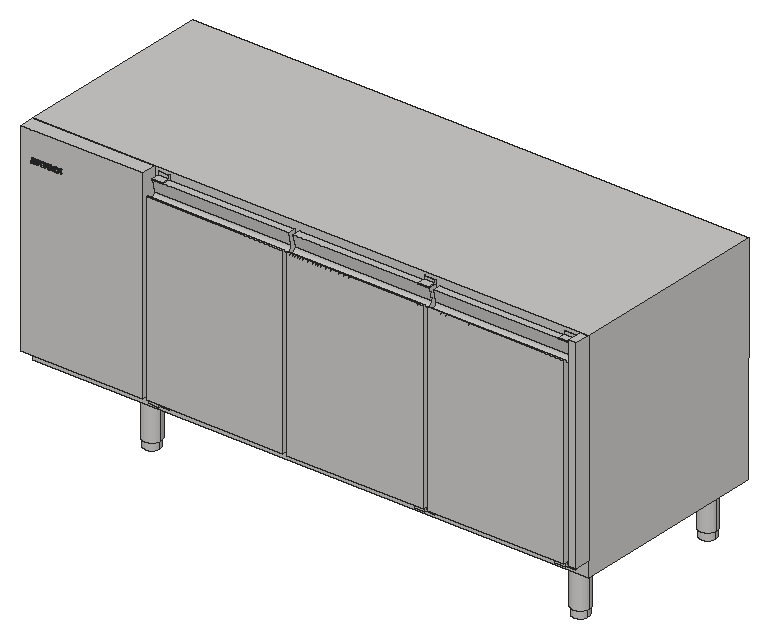
Revit family "QF_ALPENINOX_712199_AK3F7AAA", category Specialty Equipment, Revit 2018 (continued)
Definition of nested family "APX_BI_BT_L"
  Lines and regions (mm)
    Split face 121
      outline origin (215, -951.3, 50) x (1, 0, 0) y (0, 1, 0)
        loop
          arc (-273.464, 607.474) -> (-277.464, 603.474) -> (-273.464, 599.474) r 4
          line (-273.464, 599.474) -> (-231.464, 599.474)
          arc (-231.464, 599.474) -> (-227.464, 603.474) -> (-231.464, 607.474) r 4
          line (-231.464, 607.474) -> (-273.464, 607.474)
    Split face 122
      outline origin (-5, -975.3, 50) x (1, 0, 0) y (0, 1, 0)
        loop
          arc (-163.464, 619.474) -> (-167.464, 615.474) -> (-163.464, 611.474) r 4
          line (-163.464, 611.474) -> (-121.464, 611.474)
          arc (-121.464, 611.474) -> (-117.464, 615.474) -> (-121.464, 619.474) r 4
          line (-121.464, 619.474) -> (-163.464, 619.474)
    Split face 123
      outline origin (325, -975.3, 50) x (1, 0, 0) y (0, 1, 0)
        loop
          arc (-328.464, 619.474) -> (-332.464, 615.474) -> (-328.464, 611.474) r 4
          line (-328.464, 611.474) -> (-286.464, 611.474)
          arc (-286.464, 611.474) -> (-282.464, 615.474) -> (-286.464, 619.474) r 4
          line (-286.464, 619.474) -> (-328.464, 619.474)
    Split face 124
      outline origin (105, -975.3, 50) x (1, 0, 0) y (0, 1, 0)
        loop
          arc (-218.464, 619.474) -> (-222.464, 615.474) -> (-218.464, 611.474) r 4
          line (-218.464, 611.474) -> (-176.464, 611.474)
          arc (-176.464, 611.474) -> (-172.464, 615.474) -> (-176.464, 619.474) r 4
          line (-176.464, 619.474) -> (-218.464, 619.474)
    Split face 125
      outline origin (215, -975.3, 50) x (1, 0, 0) y (0, 1, 0)
        loop
          arc (-273.464, 619.474) -> (-277.464, 615.474) -> (-273.464, 611.474) r 4
          line (-273.464, 611.474) -> (-231.464, 611.474)
          arc (-231.464, 611.474) -> (-227.464, 615.474) -> (-231.464, 619.474) r 4
          line (-231.464, 619.474) -> (-273.464, 619.474)
    Split face 126
      outline origin (-5, -999.3, 50) x (1, 0, 0) y (0, 1, 0)
        loop
          arc (-163.464, 631.474) -> (-167.464, 627.474) -> (-163.464, 623.474) r 4
          line (-163.464, 623.474) -> (-121.464, 623.474)
          arc (-121.464, 623.474) -> (-117.464, 627.474) -> (-121.464, 631.474) r 4
          line (-121.464, 631.474) -> (-163.464, 631.474)
    Split face 127
      outline origin (325, -999.3, 50) x (1, 0, 0) y (0, 1, 0)
        loop
          arc (-328.464, 631.474) -> (-332.464, 627.474) -> (-328.464, 623.474) r 4
          line (-328.464, 623.474) -> (-286.464, 623.474)
          arc (-286.464, 623.474) -> (-282.464, 627.474) -> (-286.464, 631.474) r 4
          line (-286.464, 631.474) -> (-328.464, 631.474)
    Split face 128
      outline origin (105, -999.3, 50) x (1, 0, 0) y (0, 1, 0)
        loop
          arc (-218.464, 631.474) -> (-222.464, 627.474) -> (-218.464, 623.474) r 4
          line (-218.464, 623.474) -> (-176.464, 623.474)
          arc (-176.464, 623.474) -> (-172.464, 627.474) -> (-176.464, 631.474) r 4
          line (-176.464, 631.474) -> (-218.464, 631.474)
    Split face 129
      outline origin (215, -999.3, 50) x (1, 0, 0) y (0, 1, 0)
        loop
          arc (-273.464, 631.474) -> (-277.464, 627.474) -> (-273.464, 623.474) r 4
          line (-273.464, 623.474) -> (-231.464, 623.474)
          arc (-231.464, 623.474) -> (-227.464, 627.474) -> (-231.464, 631.474) r 4
          line (-231.464, 631.474) -> (-273.464, 631.474)
    Split face 130
      outline origin (-5, -1023.3, 50) x (1, 0, 0) y (0, 1, 0)
        loop
          arc (-163.464, 643.474) -> (-167.464, 639.474) -> (-163.464, 635.474) r 4
          line (-163.464, 635.474) -> (-121.464, 635.474)
          arc (-121.464, 635.474) -> (-117.464, 639.474) -> (-121.464, 643.474) r 4
          line (-121.464, 643.474) -> (-163.464, 643.474)
    Split face 131
      outline origin (325, -1023.3, 50) x (1, 0, 0) y (0, 1, 0)
        loop
          arc (-328.464, 643.474) -> (-332.464, 639.474) -> (-328.464, 635.474) r 4
          line (-328.464, 635.474) -> (-286.464, 635.474)
          arc (-286.464, 635.474) -> (-282.464, 639.474) -> (-286.464, 643.474) r 4
          line (-286.464, 643.474) -> (-328.464, 643.474)
    Split face 132
      outline origin (105, -1023.3, 50) x (1, 0, 0) y (0, 1, 0)
        loop
          arc (-218.464, 643.474) -> (-222.464, 639.474) -> (-218.464, 635.474) r 4
          line (-218.464, 635.474) -> (-176.464, 635.474)
          arc (-176.464, 635.474) -> (-172.464, 639.474) -> (-176.464, 643.474) r 4
          line (-176.464, 643.474) -> (-218.464, 643.474)
    Split face 133
      outline origin (215, -1023.3, 50) x (1, 0, 0) y (0, 1, 0)
        loop
          arc (-273.464, 643.474) -> (-277.464, 639.474) -> (-273.464, 635.474) r 4
          line (-273.464, 635.474) -> (-231.464, 635.474)
          arc (-231.464, 635.474) -> (-227.464, 639.474) -> (-231.464, 643.474) r 4
          line (-231.464, 643.474) -> (-273.464, 643.474)
    Split face 134
      outline origin (0, 0, 50) x (1, 0, 0) y (0, 1, 0)
        loop
          arc (51.536, 131.824) -> (47.536, 127.824) -> (51.536, 123.824) r 4
          line (51.536, 123.824) -> (93.536, 123.824)
          arc (93.536, 123.824) -> (97.536, 127.824) -> (93.536, 131.824) r 4
          line (93.536, 131.824) -> (51.536, 131.824)
    Split face 135
      outline origin (0, 0, 50) x (1, 0, 0) y (0, 1, 0)
        loop
          arc (106.536, 131.824) -> (102.536, 127.824) -> (106.536, 123.824) r 4
          line (106.536, 123.824) -> (148.536, 123.824)
          arc (148.536, 123.824) -> (152.536, 127.824) -> (148.536, 131.824) r 4
          line (148.536, 131.824) -> (106.536, 131.824)
    Split face 136
      outline origin (0, -24, 50) x (1, 0, 0) y (0, 1, 0)
        loop
          arc (51.536, 143.824) -> (47.536, 139.824) -> (51.536, 135.824) r 4
          line (51.536, 135.824) -> (93.536, 135.824)
          arc (93.536, 135.824) -> (97.536, 139.824) -> (93.536, 143.824) r 4
          line (93.536, 143.824) -> (51.536, 143.824)
    Split face 137
      outline origin (0, -24, 50) x (1, 0, 0) y (0, 1, 0)
        loop
          arc (106.536, 143.824) -> (102.536, 139.824) -> (106.536, 135.824) r 4
          line (106.536, 135.824) -> (148.536, 135.824)
          arc (148.536, 135.824) -> (152.536, 139.824) -> (148.536, 143.824) r 4
          line (148.536, 143.824) -> (106.536, 143.824)
    Split face 138
      outline origin (0, -48, 50) x (1, 0, 0) y (0, 1, 0)
        loop
          arc (51.536, 155.824) -> (47.536, 151.824) -> (51.536, 147.824) r 4
          line (51.536, 147.824) -> (93.536, 147.824)
          arc (93.536, 147.824) -> (97.536, 151.824) -> (93.536, 155.824) r 4
          line (93.536, 155.824) -> (51.536, 155.824)
    Split face 139
      outline origin (0, -48, 50) x (1, 0, 0) y (0, 1, 0)
        loop
          arc (106.536, 155.824) -> (102.536, 151.824) -> (106.536, 147.824) r 4
          line (106.536, 147.824) -> (148.536, 147.824)
          arc (148.536, 147.824) -> (152.536, 151.824) -> (148.536, 155.824) r 4
          line (148.536, 155.824) -> (106.536, 155.824)
    Split face 140
      outline origin (0, -72, 50) x (1, 0, 0) y (0, 1, 0)
        loop
          arc (51.536, 167.824) -> (47.536, 163.824) -> (51.536, 159.824) r 4
          line (51.536, 159.824) -> (93.536, 159.824)
          arc (93.536, 159.824) -> (97.536, 163.824) -> (93.536, 167.824) r 4
          line (93.536, 167.824) -> (51.536, 167.824)
    Split face 141
      outline origin (0, -72, 50) x (1, 0, 0) y (0, 1, 0)
        loop
          arc (106.536, 167.824) -> (102.536, 163.824) -> (106.536, 159.824) r 4
          line (106.536, 159.824) -> (148.536, 159.824)
          arc (148.536, 159.824) -> (152.536, 163.824) -> (148.536, 167.824) r 4
          line (148.536, 167.824) -> (106.536, 167.824)
    Split face 142
      outline origin (0, -96, 50) x (1, 0, 0) y (0, 1, 0)
        loop
          arc (51.536, 179.824) -> (47.536, 175.824) -> (51.536, 171.824) r 4
          line (51.536, 171.824) -> (93.536, 171.824)
          arc (93.536, 171.824) -> (97.536, 175.824) -> (93.536, 179.824) r 4
          line (93.536, 179.824) -> (51.536, 179.824)
    Split face 143
      outline origin (0, -96, 50) x (1, 0, 0) y (0, 1, 0)
        loop
          arc (106.536, 179.824) -> (102.536, 175.824) -> (106.536, 171.824) r 4
          line (106.536, 171.824) -> (148.536, 171.824)
          arc (148.536, 171.824) -> (152.536, 175.824) -> (148.536, 179.824) r 4
          line (148.536, 179.824) -> (106.536, 179.824)
    Split face 144
      outline origin (0, -120, 50) x (1, 0, 0) y (0, 1, 0)
        loop
          arc (51.536, 191.824) -> (47.536, 187.824) -> (51.536, 183.824) r 4
          line (51.536, 183.824) -> (93.536, 183.824)
          arc (93.536, 183.824) -> (97.536, 187.824) -> (93.536, 191.824) r 4
          line (93.536, 191.824) -> (51.536, 191.824)
    Split face 145
      outline origin (0, -120, 50) x (1, 0, 0) y (0, 1, 0)
        loop
          arc (106.536, 191.824) -> (102.536, 187.824) -> (106.536, 183.824) r 4
          line (106.536, 183.824) -> (148.536, 183.824)
          arc (148.536, 183.824) -> (152.536, 187.824) -> (148.536, 191.824) r 4
          line (148.536, 191.824) -> (106.536, 191.824)
    Split face 146
      outline origin (0, -144, 50) x (1, 0, 0) y (0, 1, 0)
        loop
          arc (51.536, 203.824) -> (47.536, 199.824) -> (51.536, 195.824) r 4
          line (51.536, 195.824) -> (93.536, 195.824)
          arc (93.536, 195.824) -> (97.536, 199.824) -> (93.536, 203.824) r 4
          line (93.536, 203.824) -> (51.536, 203.824)
    Split face 147
      outline origin (0, -144, 50) x (1, 0, 0) y (0, 1, 0)
        loop
          arc (106.536, 203.824) -> (102.536, 199.824) -> (106.536, 195.824) r 4
          line (106.536, 195.824) -> (148.536, 195.824)
          arc (148.536, 195.824) -> (152.536, 199.824) -> (148.536, 203.824) r 4
          line (148.536, 203.824) -> (106.536, 203.824)
    Split face 148
      outline origin (0, -168, 50) x (1, 0, 0) y (0, 1, 0)
        loop
          arc (51.536, 215.824) -> (47.536, 211.824) -> (51.536, 207.824) r 4
          line (51.536, 207.824) -> (93.536, 207.824)
          arc (93.536, 207.824) -> (97.536, 211.824) -> (93.536, 215.824) r 4
          line (93.536, 215.824) -> (51.536, 215.824)
    Split face 149
      outline origin (0, -168, 50) x (1, 0, 0) y (0, 1, 0)
        loop
          arc (106.536, 215.824) -> (102.536, 211.824) -> (106.536, 207.824) r 4
          line (106.536, 207.824) -> (148.536, 207.824)
          arc (148.536, 207.824) -> (152.536, 211.824) -> (148.536, 215.824) r 4
          line (148.536, 215.824) -> (106.536, 215.824)
    Split face 150
      outline origin (0, -192, 50) x (1, 0, 0) y (0, 1, 0)
        loop
          arc (51.536, 227.824) -> (47.536, 223.824) -> (51.536, 219.824) r 4
          line (51.536, 219.824) -> (93.536, 219.824)
          arc (93.536, 219.824) -> (97.536, 223.824) -> (93.536, 227.824) r 4
          line (93.536, 227.824) -> (51.536, 227.824)
    Split face 151
      outline origin (0, -192, 50) x (1, 0, 0) y (0, 1, 0)
        loop
          arc (106.536, 227.824) -> (102.536, 223.824) -> (106.536, 219.824) r 4
          line (106.536, 219.824) -> (148.536, 219.824)
          arc (148.536, 219.824) -> (152.536, 223.824) -> (148.536, 227.824) r 4
          line (148.536, 227.824) -> (106.536, 227.824)
    Split face 152
      outline origin (0, -216, 50) x (1, 0, 0) y (0, 1, 0)
        loop
          arc (51.536, 239.824) -> (47.536, 235.824) -> (51.536, 231.824) r 4
          line (51.536, 231.824) -> (93.536, 231.824)
          arc (93.536, 231.824) -> (97.536, 235.824) -> (93.536, 239.824) r 4
          line (93.536, 239.824) -> (51.536, 239.824)
    Split face 153
      outline origin (0, -216, 50) x (1, 0, 0) y (0, 1, 0)
        loop
          arc (106.536, 239.824) -> (102.536, 235.824) -> (106.536, 231.824) r 4
          line (106.536, 231.824) -> (148.536, 231.824)
          arc (148.536, 231.824) -> (152.536, 235.824) -> (148.536, 239.824) r 4
          line (148.536, 239.824) -> (106.536, 239.824)
    Split face 154
      outline origin (0, -240, 50) x (1, 0, 0) y (0, 1, 0)
        loop
          arc (51.536, 251.824) -> (47.536, 247.824) -> (51.536, 243.824) r 4
          line (51.536, 243.824) -> (93.536, 243.824)
          arc (93.536, 243.824) -> (97.536, 247.824) -> (93.536, 251.824) r 4
          line (93.536, 251.824) -> (51.536, 251.824)
    Split face 155
      outline origin (0, -240, 50) x (1, 0, 0) y (0, 1, 0)
        loop
          arc (106.536, 251.824) -> (102.536, 247.824) -> (106.536, 243.824) r 4
          line (106.536, 243.824) -> (148.536, 243.824)
          arc (148.536, 243.824) -> (152.536, 247.824) -> (148.536, 251.824) r 4
          line (148.536, 251.824) -> (106.536, 251.824)
    Split face 156
      outline origin (0, -264, 50) x (1, 0, 0) y (0, 1, 0)
        loop
          arc (51.536, 263.824) -> (47.536, 259.824) -> (51.536, 255.824) r 4
          line (51.536, 255.824) -> (93.536, 255.824)
          arc (93.536, 255.824) -> (97.536, 259.824) -> (93.536, 263.824) r 4
          line (93.536, 263.824) -> (51.536, 263.824)
    Split face 157
      outline origin (0, -264, 50) x (1, 0, 0) y (0, 1, 0)
        loop
          arc (106.536, 263.824) -> (102.536, 259.824) -> (106.536, 255.824) r 4
          line (106.536, 255.824) -> (148.536, 255.824)
          arc (148.536, 255.824) -> (152.536, 259.824) -> (148.536, 263.824) r 4
          line (148.536, 263.824) -> (106.536, 263.824)
    Split face 158
      outline origin (0, -288, 50) x (1, 0, 0) y (0, 1, 0)
        loop
          arc (51.536, 275.824) -> (47.536, 271.824) -> (51.536, 267.824) r 4
          line (51.536, 267.824) -> (93.536, 267.824)
          arc (93.536, 267.824) -> (97.536, 271.824) -> (93.536, 275.824) r 4
          line (93.536, 275.824) -> (51.536, 275.824)
    Split face 159
      outline origin (0, -288, 50) x (1, 0, 0) y (0, 1, 0)
        loop
          arc (106.536, 275.824) -> (102.536, 271.824) -> (106.536, 267.824) r 4
          line (106.536, 267.824) -> (148.536, 267.824)
          arc (148.536, 267.824) -> (152.536, 271.824) -> (148.536, 275.824) r 4
          line (148.536, 275.824) -> (106.536, 275.824)
    Split face 160
      outline origin (0, -312, 50) x (1, 0, 0) y (0, 1, 0)
        loop
          arc (51.536, 287.824) -> (47.536, 283.824) -> (51.536, 279.824) r 4
          line (51.536, 279.824) -> (93.536, 279.824)
          arc (93.536, 279.824) -> (97.536, 283.824) -> (93.536, 287.824) r 4
          line (93.536, 287.824) -> (51.536, 287.824)
    Split face 161
      outline origin (0, -312, 50) x (1, 0, 0) y (0, 1, 0)
        loop
          arc (106.536, 287.824) -> (102.536, 283.824) -> (106.536, 279.824) r 4
          line (106.536, 279.824) -> (148.536, 279.824)
          arc (148.536, 279.824) -> (152.536, 283.824) -> (148.536, 287.824) r 4
          line (148.536, 287.824) -> (106.536, 287.824)
    Split face 162
      outline origin (0, -336, 50) x (1, 0, 0) y (0, 1, 0)
        loop
          arc (51.536, 299.824) -> (47.536, 295.824) -> (51.536, 291.824) r 4
          line (51.536, 291.824) -> (93.536, 291.824)
          arc (93.536, 291.824) -> (97.536, 295.824) -> (93.536, 299.824) r 4
          line (93.536, 299.824) -> (51.536, 299.824)
    Split face 163
      outline origin (0, -336, 50) x (1, 0, 0) y (0, 1, 0)
        loop
          arc (106.536, 299.824) -> (102.536, 295.824) -> (106.536, 291.824) r 4
          line (106.536, 291.824) -> (148.536, 291.824)
          arc (148.536, 291.824) -> (152.536, 295.824) -> (148.536, 299.824) r 4
          line (148.536, 299.824) -> (106.536, 299.824)
    Split face 164
      outline origin (0, -360, 50) x (1, 0, 0) y (0, 1, 0)
        loop
          arc (51.536, 311.824) -> (47.536, 307.824) -> (51.536, 303.824) r 4
          line (51.536, 303.824) -> (93.536, 303.824)
          arc (93.536, 303.824) -> (97.536, 307.824) -> (93.536, 311.824) r 4
          line (93.536, 311.824) -> (51.536, 311.824)
    Split face 165
      outline origin (0, -360, 50) x (1, 0, 0) y (0, 1, 0)
        loop
          arc (106.536, 311.824) -> (102.536, 307.824) -> (106.536, 303.824) r 4
          line (106.536, 303.824) -> (148.536, 303.824)
          arc (148.536, 303.824) -> (152.536, 307.824) -> (148.536, 311.824) r 4
          line (148.536, 311.824) -> (106.536, 311.824)
    Split face 166
      outline origin (0, -663.3, 50) x (1, 0, 0) y (0, 1, 0)
        loop
          arc (51.536, 463.474) -> (47.536, 459.474) -> (51.536, 455.474) r 4
          line (51.536, 455.474) -> (93.536, 455.474)
          arc (93.536, 455.474) -> (97.536, 459.474) -> (93.536, 463.474) r 4
          line (93.536, 463.474) -> (51.536, 463.474)
    Split face 167
      outline origin (0, -663.3, 50) x (1, 0, 0) y (0, 1, 0)
        loop
          arc (106.536, 463.474) -> (102.536, 459.474) -> (106.536, 455.474) r 4
          line (106.536, 455.474) -> (148.536, 455.474)
          arc (148.536, 455.474) -> (152.536, 459.474) -> (148.536, 463.474) r 4
          line (148.536, 463.474) -> (106.536, 463.474)
    Split face 168
      outline origin (0, -687.3, 50) x (1, 0, 0) y (0, 1, 0)
        loop
          arc (51.536, 475.474) -> (47.536, 471.474) -> (51.536, 467.474) r 4
          line (51.536, 467.474) -> (93.536, 467.474)
          arc (93.536, 467.474) -> (97.536, 471.474) -> (93.536, 475.474) r 4
          line (93.536, 475.474) -> (51.536, 475.474)
    Split face 169
      outline origin (0, -687.3, 50) x (1, 0, 0) y (0, 1, 0)
        loop
          arc (106.536, 475.474) -> (102.536, 471.474) -> (106.536, 467.474) r 4
          line (106.536, 467.474) -> (148.536, 467.474)
          arc (148.536, 467.474) -> (152.536, 471.474) -> (148.536, 475.474) r 4
          line (148.536, 475.474) -> (106.536, 475.474)
    Split face 170
      outline origin (0, -711.3, 50) x (1, 0, 0) y (0, 1, 0)
        loop
          arc (51.536, 487.474) -> (47.536, 483.474) -> (51.536, 479.474) r 4
          line (51.536, 479.474) -> (93.536, 479.474)
          arc (93.536, 479.474) -> (97.536, 483.474) -> (93.536, 487.474) r 4
          line (93.536, 487.474) -> (51.536, 487.474)
    Split face 171
      outline origin (0, -711.3, 50) x (1, 0, 0) y (0, 1, 0)
        loop
          arc (106.536, 487.474) -> (102.536, 483.474) -> (106.536, 479.474) r 4
          line (106.536, 479.474) -> (148.536, 479.474)
          arc (148.536, 479.474) -> (152.536, 483.474) -> (148.536, 487.474) r 4
          line (148.536, 487.474) -> (106.536, 487.474)
    Split face 172
      outline origin (0, -735.3, 50) x (1, 0, 0) y (0, 1, 0)
        loop
          arc (51.536, 499.474) -> (47.536, 495.474) -> (51.536, 491.474) r 4
          line (51.536, 491.474) -> (93.536, 491.474)
          arc (93.536, 491.474) -> (97.536, 495.474) -> (93.536, 499.474) r 4
          line (93.536, 499.474) -> (51.536, 499.474)
    Split face 173
      outline origin (0, -735.3, 50) x (1, 0, 0) y (0, 1, 0)
        loop
          arc (106.536, 499.474) -> (102.536, 495.474) -> (106.536, 491.474) r 4
          line (106.536, 491.474) -> (148.536, 491.474)
          arc (148.536, 491.474) -> (152.536, 495.474) -> (148.536, 499.474) r 4
          line (148.536, 499.474) -> (106.536, 499.474)
    Split face 174
      outline origin (0, -759.3, 50) x (1, 0, 0) y (0, 1, 0)
        loop
          arc (51.536, 511.474) -> (47.536, 507.474) -> (51.536, 503.474) r 4
          line (51.536, 503.474) -> (93.536, 503.474)
          arc (93.536, 503.474) -> (97.536, 507.474) -> (93.536, 511.474) r 4
          line (93.536, 511.474) -> (51.536, 511.474)
    Split face 175
      outline origin (0, -759.3, 50) x (1, 0, 0) y (0, 1, 0)
        loop
          arc (106.536, 511.474) -> (102.536, 507.474) -> (106.536, 503.474) r 4
          line (106.536, 503.474) -> (148.536, 503.474)
          arc (148.536, 503.474) -> (152.536, 507.474) -> (148.536, 511.474) r 4
          line (148.536, 511.474) -> (106.536, 511.474)
    Split face 176
      outline origin (0, -783.3, 50) x (1, 0, 0) y (0, 1, 0)
        loop
          arc (51.536, 523.474) -> (47.536, 519.474) -> (51.536, 515.474) r 4
          line (51.536, 515.474) -> (93.536, 515.474)
          arc (93.536, 515.474) -> (97.536, 519.474) -> (93.536, 523.474) r 4
          line (93.536, 523.474) -> (51.536, 523.474)
    Split face 177
      outline origin (0, -783.3, 50) x (1, 0, 0) y (0, 1, 0)
        loop
          arc (106.536, 523.474) -> (102.536, 519.474) -> (106.536, 515.474) r 4
          line (106.536, 515.474) -> (148.536, 515.474)
          arc (148.536, 515.474) -> (152.536, 519.474) -> (148.536, 523.474) r 4
          line (148.536, 523.474) -> (106.536, 523.474)
    Split face 178
      outline origin (0, -807.3, 50) x (1, 0, 0) y (0, 1, 0)
        loop
          arc (51.536, 535.474) -> (47.536, 531.474) -> (51.536, 527.474) r 4
          line (51.536, 527.474) -> (93.536, 527.474)
          arc (93.536, 527.474) -> (97.536, 531.474) -> (93.536, 535.474) r 4
          line (93.536, 535.474) -> (51.536, 535.474)
    Split face 179
      outline origin (0, -807.3, 50) x (1, 0, 0) y (0, 1, 0)
        loop
          arc (106.536, 535.474) -> (102.536, 531.474) -> (106.536, 527.474) r 4
          line (106.536, 527.474) -> (148.536, 527.474)
          arc (148.536, 527.474) -> (152.536, 531.474) -> (148.536, 535.474) r 4
          line (148.536, 535.474) -> (106.536, 535.474)
    Split face 180
      outline origin (0, -831.3, 50) x (1, 0, 0) y (0, 1, 0)
        loop
          arc (51.536, 547.474) -> (47.536, 543.474) -> (51.536, 539.474) r 4
          line (51.536, 539.474) -> (93.536, 539.474)
          arc (93.536, 539.474) -> (97.536, 543.474) -> (93.536, 547.474) r 4
          line (93.536, 547.474) -> (51.536, 547.474)
    Split face 181
      outline origin (0, -831.3, 50) x (1, 0, 0) y (0, 1, 0)
        loop
          arc (106.536, 547.474) -> (102.536, 543.474) -> (106.536, 539.474) r 4
          line (106.536, 539.474) -> (148.536, 539.474)
          arc (148.536, 539.474) -> (152.536, 543.474) -> (148.536, 547.474) r 4
          line (148.536, 547.474) -> (106.536, 547.474)
    Split face 182
      outline origin (0, -855.3, 50) x (1, 0, 0) y (0, 1, 0)
        loop
          arc (51.536, 559.474) -> (47.536, 555.474) -> (51.536, 551.474) r 4
          line (51.536, 551.474) -> (93.536, 551.474)
          arc (93.536, 551.474) -> (97.536, 555.474) -> (93.536, 559.474) r 4
          line (93.536, 559.474) -> (51.536, 559.474)
    Split face 183
      outline origin (0, -855.3, 50) x (1, 0, 0) y (0, 1, 0)
        loop
          arc (106.536, 559.474) -> (102.536, 555.474) -> (106.536, 551.474) r 4
          line (106.536, 551.474) -> (148.536, 551.474)
          arc (148.536, 551.474) -> (152.536, 555.474) -> (148.536, 559.474) r 4
          line (148.536, 559.474) -> (106.536, 559.474)
    Split face 184
      outline origin (0, -879.3, 50) x (1, 0, 0) y (0, 1, 0)
        loop
          arc (51.536, 571.474) -> (47.536, 567.474) -> (51.536, 563.474) r 4
          line (51.536, 563.474) -> (93.536, 563.474)
          arc (93.536, 563.474) -> (97.536, 567.474) -> (93.536, 571.474) r 4
          line (93.536, 571.474) -> (51.536, 571.474)
    Split face 185
      outline origin (0, -879.3, 50) x (1, 0, 0) y (0, 1, 0)
        loop
          arc (106.536, 571.474) -> (102.536, 567.474) -> (106.536, 563.474) r 4
          line (106.536, 563.474) -> (148.536, 563.474)
          arc (148.536, 563.474) -> (152.536, 567.474) -> (148.536, 571.474) r 4
          line (148.536, 571.474) -> (106.536, 571.474)
    Split face 186
      outline origin (0, -903.3, 50) x (1, 0, 0) y (0, 1, 0)
        loop
          arc (51.536, 583.474) -> (47.536, 579.474) -> (51.536, 575.474) r 4
          line (51.536, 575.474) -> (93.536, 575.474)
          arc (93.536, 575.474) -> (97.536, 579.474) -> (93.536, 583.474) r 4
          line (93.536, 583.474) -> (51.536, 583.474)
    Split face 187
      outline origin (0, -903.3, 50) x (1, 0, 0) y (0, 1, 0)
        loop
          arc (106.536, 583.474) -> (102.536, 579.474) -> (106.536, 575.474) r 4
          line (106.536, 575.474) -> (148.536, 575.474)
          arc (148.536, 575.474) -> (152.536, 579.474) -> (148.536, 583.474) r 4
          line (148.536, 583.474) -> (106.536, 583.474)
    Split face 188
      outline origin (0, -927.3, 50) x (1, 0, 0) y (0, 1, 0)
        loop
          arc (51.536, 595.474) -> (47.536, 591.474) -> (51.536, 587.474) r 4
          line (51.536, 587.474) -> (93.536, 587.474)
          arc (93.536, 587.474) -> (97.536, 591.474) -> (93.536, 595.474) r 4
          line (93.536, 595.474) -> (51.536, 595.474)
    Split face 189
      outline origin (0, -927.3, 50) x (1, 0, 0) y (0, 1, 0)
        loop
          arc (106.536, 595.474) -> (102.536, 591.474) -> (106.536, 587.474) r 4
          line (106.536, 587.474) -> (148.536, 587.474)
          arc (148.536, 587.474) -> (152.536, 591.474) -> (148.536, 595.474) r 4
          line (148.536, 595.474) -> (106.536, 595.474)
    Split face 190
      outline origin (0, -951.3, 50) x (1, 0, 0) y (0, 1, 0)
        loop
          arc (51.536, 607.474) -> (47.536, 603.474) -> (51.536, 599.474) r 4
          line (51.536, 599.474) -> (93.536, 599.474)
          arc (93.536, 599.474) -> (97.536, 603.474) -> (93.536, 607.474) r 4
          line (93.536, 607.474) -> (51.536, 607.474)
    Split face 191
      outline origin (0, -951.3, 50) x (1, 0, 0) y (0, 1, 0)
        loop
          arc (106.536, 607.474) -> (102.536, 603.474) -> (106.536, 599.474) r 4
          line (106.536, 599.474) -> (148.536, 599.474)
          arc (148.536, 599.474) -> (152.536, 603.474) -> (148.536, 607.474) r 4
          line (148.536, 607.474) -> (106.536, 607.474)
    Split face 192
      outline origin (0, -975.3, 50) x (1, 0, 0) y (0, 1, 0)
        loop
          arc (51.536, 619.474) -> (47.536, 615.474) -> (51.536, 611.474) r 4
          line (51.536, 611.474) -> (93.536, 611.474)
          arc (93.536, 611.474) -> (97.536, 615.474) -> (93.536, 619.474) r 4
          line (93.536, 619.474) -> (51.536, 619.474)
    Split face 193
      outline origin (0, -975.3, 50) x (1, 0, 0) y (0, 1, 0)
        loop
          arc (106.536, 619.474) -> (102.536, 615.474) -> (106.536, 611.474) r 4
          line (106.536, 611.474) -> (148.536, 611.474)
          arc (148.536, 611.474) -> (152.536, 615.474) -> (148.536, 619.474) r 4
          line (148.536, 619.474) -> (106.536, 619.474)
    Split face 194
      outline origin (0, -999.3, 50) x (1, 0, 0) y (0, 1, 0)
        loop
          arc (51.536, 631.474) -> (47.536, 627.474) -> (51.536, 623.474) r 4
          line (51.536, 623.474) -> (93.536, 623.474)
          arc (93.536, 623.474) -> (97.536, 627.474) -> (93.536, 631.474) r 4
          line (93.536, 631.474) -> (51.536, 631.474)
    Split face 195
      outline origin (0, -999.3, 50) x (1, 0, 0) y (0, 1, 0)
        loop
          arc (106.536, 631.474) -> (102.536, 627.474) -> (106.536, 623.474) r 4
          line (106.536, 623.474) -> (148.536, 623.474)
          arc (148.536, 623.474) -> (152.536, 627.474) -> (148.536, 631.474) r 4
          line (148.536, 631.474) -> (106.536, 631.474)
    Split face 196
      outline origin (0, -1023.3, 50) x (1, 0, 0) y (0, 1, 0)
        loop
          arc (51.536, 643.474) -> (47.536, 639.474) -> (51.536, 635.474) r 4
          line (51.536, 635.474) -> (93.536, 635.474)
          arc (93.536, 635.474) -> (97.536, 639.474) -> (93.536, 643.474) r 4
          line (93.536, 643.474) -> (51.536, 643.474)
    Split face 197
      outline origin (0, -1023.3, 50) x (1, 0, 0) y (0, 1, 0)
        loop
          arc (106.536, 643.474) -> (102.536, 639.474) -> (106.536, 635.474) r 4
          line (106.536, 635.474) -> (148.536, 635.474)
          arc (148.536, 635.474) -> (152.536, 639.474) -> (148.536, 643.474) r 4
          line (148.536, 643.474) -> (106.536, 643.474)
    Split face 198
      outline origin (100, 0, 50) x (1, 0, 0) y (0, 1, 0)
        loop
          line (87.08, 183) -> (-272.92, 183)
          arc (-272.92, 183) -> (-290.42, 165.5) -> (-272.92, 148) r 17.5
          line (-272.92, 148) -> (87.08, 148)
    symbolic lines
      curve 1: line (187.08, -74, 50) -> (187.08, -74, 0)
  Dimensions and locks
    equal spacing: plane 6, plane 1 "Center (Front/Back)", plane 7
    equal spacing: plane 4, plane 3 "Center (Left/Right)", plane 5
    aligned and locked: plane 2 to Extrusion 1
    aligned and locked: level to Extrusion 1
  Automatic sketch dimensions
    Split face 4 sketch curve to Split face 4 sketch curve = 42 mm
    Split face 4 sketch curve to Split face 4 sketch curve = 4 mm
    Split face 5 sketch curve to Split face 5 sketch curve = 42 mm
    Split face 5 sketch curve to Split face 5 sketch curve = 4 mm
    Split face 6 sketch curve to Split face 6 sketch curve = 42 mm
    Split face 6 sketch curve to Split face 6 sketch curve = 4 mm
    Split face 7 sketch curve to Split face 7 sketch curve = 42 mm
    Split face 7 sketch curve to Split face 7 sketch curve = 4 mm
    Split face 8 sketch curve to Split face 8 sketch curve = 42 mm
    Split face 8 sketch curve to Split face 8 sketch curve = 4 mm
    Split face 9 sketch curve to Split face 9 sketch curve = 42 mm
    Split face 9 sketch curve to Split face 9 sketch curve = 4 mm
    Split face 10 sketch curve to Split face 10 sketch curve = 42 mm
    Split face 10 sketch curve to Split face 10 sketch curve = 4 mm
    Split face 11 sketch curve to Split face 11 sketch curve = 42 mm
    Split face 11 sketch curve to Split face 11 sketch curve = 4 mm
    Split face 12 sketch curve to Split face 12 sketch curve = 42 mm
    Split face 12 sketch curve to Split face 12 sketch curve = 4 mm
    Split face 13 sketch curve to Split face 13 sketch curve = 42 mm
    Split face 13 sketch curve to Split face 13 sketch curve = 4 mm
    Split face 14 sketch curve to Split face 14 sketch curve = 42 mm
    Split face 14 sketch curve to Split face 14 sketch curve = 4 mm
    Split face 15 sketch curve to Split face 15 sketch curve = 42 mm
    Split face 15 sketch curve to Split face 15 sketch curve = 4 mm
    Split face 16 sketch curve to Split face 16 sketch curve = 42 mm
    Split face 16 sketch curve to Split face 16 sketch curve = 4 mm
    Split face 17 sketch curve to Split face 17 sketch curve = 42 mm
    Split face 17 sketch curve to Split face 17 sketch curve = 4 mm
    Split face 18 sketch curve to Split face 18 sketch curve = 42 mm
    Split face 18 sketch curve to Split face 18 sketch curve = 4 mm
    Split face 19 sketch curve to Split face 19 sketch curve = 42 mm
    Split face 19 sketch curve to Split face 19 sketch curve = 4 mm
    Split face 20 sketch curve to Split face 20 sketch curve = 42 mm
    Split face 20 sketch curve to Split face 20 sketch curve = 4 mm
    Split face 21 sketch curve to Split face 21 sketch curve = 42 mm
    Split face 21 sketch curve to Split face 21 sketch curve = 4 mm
    Split face 22 sketch curve to Split face 22 sketch curve = 42 mm
    Split face 22 sketch curve to Split face 22 sketch curve = 4 mm
    Split face 23 sketch curve to Split face 23 sketch curve = 42 mm
    Split face 23 sketch curve to Split face 23 sketch curve = 4 mm
    Split face 24 sketch curve to Split face 24 sketch curve = 42 mm
    Split face 24 sketch curve to Split face 24 sketch curve = 4 mm
    Split face 25 sketch curve to Split face 25 sketch curve = 42 mm
    Split face 25 sketch curve to Split face 25 sketch curve = 4 mm
    Split face 26 sketch curve to Split face 26 sketch curve = 42 mm
    Split face 26 sketch curve to Split face 26 sketch curve = 4 mm
    Split face 27 sketch curve to Split face 27 sketch curve = 42 mm
    Split face 27 sketch curve to Split face 27 sketch curve = 4 mm
    Split face 28 sketch curve to Split face 28 sketch curve = 42 mm
    Split face 28 sketch curve to Split face 28 sketch curve = 4 mm
    Split face 29 sketch curve to Split face 29 sketch curve = 42 mm
    Split face 29 sketch curve to Split face 29 sketch curve = 4 mm
    Split face 30 sketch curve to Split face 30 sketch curve = 42 mm
    Split face 30 sketch curve to Split face 30 sketch curve = 4 mm
    Split face 31 sketch curve to Split face 31 sketch curve = 42 mm
    Split face 31 sketch curve to Split face 31 sketch curve = 4 mm
    Split face 32 sketch curve to Split face 32 sketch curve = 42 mm
    Split face 32 sketch curve to Split face 32 sketch curve = 4 mm
    Split face 33 sketch curve to Split face 33 sketch curve = 42 mm
    Split face 33 sketch curve to Split face 33 sketch curve = 4 mm
    Split face 34 sketch curve to Split face 34 sketch curve = 42 mm
    Split face 34 sketch curve to Split face 34 sketch curve = 4 mm
    Split face 35 sketch curve to Split face 35 sketch curve = 42 mm
    Split face 35 sketch curve to Split face 35 sketch curve = 4 mm
    Split face 36 sketch curve to Split face 36 sketch curve = 42 mm
    Split face 36 sketch curve to Split face 36 sketch curve = 4 mm
    Split face 37 sketch curve to Split face 37 sketch curve = 42 mm
    Split face 37 sketch curve to Split face 37 sketch curve = 4 mm
    Split face 38 sketch curve to Split face 38 sketch curve = 42 mm
    Split face 38 sketch curve to Split face 38 sketch curve = 4 mm
    Split face 39 sketch curve to Split face 39 sketch curve = 42 mm
    Split face 39 sketch curve to Split face 39 sketch curve = 4 mm
    Split face 40 sketch curve to Split face 40 sketch curve = 42 mm
    Split face 40 sketch curve to Split face 40 sketch curve = 4 mm
    Split face 41 sketch curve to Split face 41 sketch curve = 42 mm
    Split face 41 sketch curve to Split face 41 sketch curve = 4 mm
    Split face 42 sketch curve to Split face 42 sketch curve = 42 mm
    Split face 42 sketch curve to Split face 42 sketch curve = 4 mm
    Split face 43 sketch curve to Split face 43 sketch curve = 42 mm
    Split face 43 sketch curve to Split face 43 sketch curve = 4 mm
    Split face 44 sketch curve to Split face 44 sketch curve = 42 mm
    Split face 44 sketch curve to Split face 44 sketch curve = 4 mm
    Split face 45 sketch curve to Split face 45 sketch curve = 42 mm
    Split face 45 sketch curve to Split face 45 sketch curve = 4 mm
    Split face 46 sketch curve to Split face 46 sketch curve = 42 mm
    Split face 46 sketch curve to Split face 46 sketch curve = 4 mm
    Split face 47 sketch curve to Split face 47 sketch curve = 42 mm
    Split face 47 sketch curve to Split face 47 sketch curve = 4 mm
    Split face 48 sketch curve to Split face 48 sketch curve = 42 mm
    Split face 48 sketch curve to Split face 48 sketch curve = 4 mm
    Split face 49 sketch curve to Split face 49 sketch curve = 42 mm
    Split face 49 sketch curve to Split face 49 sketch curve = 4 mm
    Split face 50 sketch curve to Split face 50 sketch curve = 42 mm
    Split face 50 sketch curve to Split face 50 sketch curve = 4 mm
    Split face 51 sketch curve to Split face 51 sketch curve = 42 mm
    Split face 51 sketch curve to Split face 51 sketch curve = 4 mm
    Split face 52 sketch curve to Split face 52 sketch curve = 42 mm
    Split face 52 sketch curve to Split face 52 sketch curve = 4 mm
    Split face 53 sketch curve to Split face 53 sketch curve = 42 mm
    Split face 53 sketch curve to Split face 53 sketch curve = 4 mm
    Split face 54 sketch curve to Split face 54 sketch curve = 42 mm
    Split face 54 sketch curve to Split face 54 sketch curve = 4 mm
    Split face 55 sketch curve to Split face 55 sketch curve = 42 mm
    Split face 55 sketch curve to Split face 55 sketch curve = 4 mm
    Split face 56 sketch curve to Split face 56 sketch curve = 42 mm
    Split face 56 sketch curve to Split face 56 sketch curve = 4 mm
    Split face 57 sketch curve to Split face 57 sketch curve = 42 mm
    Split face 57 sketch curve to Split face 57 sketch curve = 4 mm
    Split face 58 sketch curve to Split face 58 sketch curve = 42 mm
    Split face 58 sketch curve to Split face 58 sketch curve = 4 mm
    Split face 59 sketch curve to Split face 59 sketch curve = 42 mm
    Split face 59 sketch curve to Split face 59 sketch curve = 4 mm
    Split face 60 sketch curve to Split face 60 sketch curve = 42 mm
    Split face 60 sketch curve to Split face 60 sketch curve = 4 mm
    Split face 61 sketch curve to Split face 61 sketch curve = 42 mm
    Split face 61 sketch curve to Split face 61 sketch curve = 4 mm
    Split face 62 sketch curve to Split face 62 sketch curve = 42 mm
    Split face 62 sketch curve to Split face 62 sketch curve = 4 mm
    Split face 63 sketch curve to Split face 63 sketch curve = 42 mm
    Split face 63 sketch curve to Split face 63 sketch curve = 4 mm
    Split face 64 sketch curve to Split face 64 sketch curve = 42 mm
    Split face 64 sketch curve to Split face 64 sketch curve = 4 mm
    Split face 65 sketch curve to Split face 65 sketch curve = 42 mm
    Split face 65 sketch curve to Split face 65 sketch curve = 4 mm
    Split face 66 sketch curve to Split face 66 sketch curve = 42 mm
    Split face 66 sketch curve to Split face 66 sketch curve = 4 mm
    Split face 67 sketch curve to Split face 67 sketch curve = 42 mm
    Split face 67 sketch curve to Split face 67 sketch curve = 4 mm
    Split face 68 sketch curve to Split face 68 sketch curve = 42 mm
    Split face 68 sketch curve to Split face 68 sketch curve = 4 mm
    Split face 70 sketch curve to Split face 70 sketch curve = 42 mm
    Split face 70 sketch curve to Split face 70 sketch curve = 4 mm
    Split face 71 sketch curve to Split face 71 sketch curve = 42 mm
    Split face 71 sketch curve to Split face 71 sketch curve = 4 mm
    Split face 72 sketch curve to Split face 72 sketch curve = 42 mm
    Split face 72 sketch curve to Split face 72 sketch curve = 4 mm
    Split face 73 sketch curve to Split face 73 sketch curve = 42 mm
    Split face 73 sketch curve to Split face 73 sketch curve = 4 mm
    Split face 74 sketch curve to Split face 74 sketch curve = 42 mm
    Split face 74 sketch curve to Split face 74 sketch curve = 4 mm
    Split face 75 sketch curve to Split face 75 sketch curve = 42 mm
    Split face 75 sketch curve to Split face 75 sketch curve = 4 mm
    Split face 76 sketch curve to Split face 76 sketch curve = 42 mm
    Split face 76 sketch curve to Split face 76 sketch curve = 4 mm
    Split face 77 sketch curve to Split face 77 sketch curve = 42 mm
    Split face 77 sketch curve to Split face 77 sketch curve = 4 mm
    Split face 78 sketch curve to Split face 78 sketch curve = 42 mm
    Split face 78 sketch curve to Split face 78 sketch curve = 4 mm
    Split face 79 sketch curve to Split face 79 sketch curve = 42 mm
    Split face 79 sketch curve to Split face 79 sketch curve = 4 mm
    Split face 80 sketch curve to Split face 80 sketch curve = 42 mm
    Split face 80 sketch curve to Split face 80 sketch curve = 4 mm
    Split face 81 sketch curve to Split face 81 sketch curve = 42 mm
    Split face 81 sketch curve to Split face 81 sketch curve = 4 mm
    Split face 82 sketch curve to Split face 82 sketch curve = 42 mm
    Split face 82 sketch curve to Split face 82 sketch curve = 4 mm
    Split face 83 sketch curve to Split face 83 sketch curve = 42 mm
    Split face 83 sketch curve to Split face 83 sketch curve = 4 mm
    Split face 84 sketch curve to Split face 84 sketch curve = 42 mm
    Split face 84 sketch curve to Split face 84 sketch curve = 4 mm
    Split face 85 sketch curve to Split face 85 sketch curve = 42 mm
    Split face 85 sketch curve to Split face 85 sketch curve = 4 mm
    Split face 86 sketch curve to Split face 86 sketch curve = 42 mm
    Split face 86 sketch curve to Split face 86 sketch curve = 4 mm
    Split face 87 sketch curve to Split face 87 sketch curve = 42 mm
    Split face 87 sketch curve to Split face 87 sketch curve = 4 mm
    Split face 88 sketch curve to Split face 88 sketch curve = 42 mm
    Split face 88 sketch curve to Split face 88 sketch curve = 4 mm
    Split face 89 sketch curve to Split face 89 sketch curve = 42 mm
    Split face 89 sketch curve to Split face 89 sketch curve = 4 mm
    Split face 90 sketch curve to Split face 90 sketch curve = 42 mm
    Split face 90 sketch curve to Split face 90 sketch curve = 4 mm
    Split face 91 sketch curve to Split face 91 sketch curve = 42 mm
    Split face 91 sketch curve to Split face 91 sketch curve = 4 mm
    Split face 92 sketch curve to Split face 92 sketch curve = 42 mm
    Split face 92 sketch curve to Split face 92 sketch curve = 4 mm
    Split face 93 sketch curve to Split face 93 sketch curve = 42 mm
    Split face 93 sketch curve to Split face 93 sketch curve = 4 mm
    Split face 94 sketch curve to Split face 94 sketch curve = 42 mm
    Split face 94 sketch curve to Split face 94 sketch curve = 4 mm
    Split face 95 sketch curve to Split face 95 sketch curve = 42 mm
    Split face 95 sketch curve to Split face 95 sketch curve = 4 mm
    Split face 96 sketch curve to Split face 96 sketch curve = 42 mm
    Split face 96 sketch curve to Split face 96 sketch curve = 4 mm
    Split face 97 sketch curve to Split face 97 sketch curve = 42 mm
    Split face 97 sketch curve to Split face 97 sketch curve = 4 mm
    Split face 98 sketch curve to Split face 98 sketch curve = 42 mm
    Split face 98 sketch curve to Split face 98 sketch curve = 4 mm
    Split face 99 sketch curve to Split face 99 sketch curve = 42 mm
    Split face 99 sketch curve to Split face 99 sketch curve = 4 mm
    Split face 100 sketch curve to Split face 100 sketch curve = 42 mm
    Split face 100 sketch curve to Split face 100 sketch curve = 4 mm
    Split face 101 sketch curve to Split face 101 sketch curve = 42 mm
    Split face 101 sketch curve to Split face 101 sketch curve = 4 mm
    Split face 102 sketch curve to Split face 102 sketch curve = 42 mm
    Split face 102 sketch curve to Split face 102 sketch curve = 4 mm
    Split face 103 sketch curve to Split face 103 sketch curve = 42 mm
    Split face 103 sketch curve to Split face 103 sketch curve = 4 mm
    Split face 104 sketch curve to Split face 104 sketch curve = 42 mm
    Split face 104 sketch curve to Split face 104 sketch curve = 4 mm
    Split face 105 sketch curve to Split face 105 sketch curve = 42 mm
    Split face 105 sketch curve to Split face 105 sketch curve = 4 mm
    Split face 106 sketch curve to Split face 106 sketch curve = 42 mm
    Split face 106 sketch curve to Split face 106 sketch curve = 4 mm
    Split face 107 sketch curve to Split face 107 sketch curve = 42 mm
    Split face 107 sketch curve to Split face 107 sketch curve = 4 mm
    Split face 108 sketch curve to Split face 108 sketch curve = 42 mm
    Split face 108 sketch curve to Split face 108 sketch curve = 4 mm
    Split face 109 sketch curve to Split face 109 sketch curve = 42 mm
    Split face 109 sketch curve to Split face 109 sketch curve = 4 mm
    Split face 110 sketch curve to Split face 110 sketch curve = 42 mm
    Split face 110 sketch curve to Split face 110 sketch curve = 4 mm
    Split face 111 sketch curve to Split face 111 sketch curve = 42 mm
    Split face 111 sketch curve to Split face 111 sketch curve = 4 mm
    Split face 112 sketch curve to Split face 112 sketch curve = 42 mm
    Split face 112 sketch curve to Split face 112 sketch curve = 4 mm
    Split face 113 sketch curve to Split face 113 sketch curve = 42 mm
    Split face 113 sketch curve to Split face 113 sketch curve = 4 mm
    Split face 114 sketch curve to Split face 114 sketch curve = 42 mm
    Split face 114 sketch curve to Split face 114 sketch curve = 4 mm
    Split face 115 sketch curve to Split face 115 sketch curve = 42 mm
    Split face 115 sketch curve to Split face 115 sketch curve = 4 mm
    Split face 116 sketch curve to Split face 116 sketch curve = 42 mm
    Split face 116 sketch curve to Split face 116 sketch curve = 4 mm
    Split face 117 sketch curve to Split face 117 sketch curve = 42 mm
    Split face 117 sketch curve to Split face 117 sketch curve = 4 mm
    Split face 118 sketch curve to Split face 118 sketch curve = 42 mm
    Split face 118 sketch curve to Split face 118 sketch curve = 4 mm
    Split face 119 sketch curve to Split face 119 sketch curve = 42 mm
    Split face 119 sketch curve to Split face 119 sketch curve = 4 mm
    Split face 120 sketch curve to Split face 120 sketch curve = 42 mm
    Split face 120 sketch curve to Split face 120 sketch curve = 4 mm
    Split face 121 sketch curve to Split face 121 sketch curve = 42 mm
    Split face 121 sketch curve to Split face 121 sketch curve = 4 mm
    Split face 122 sketch curve to Split face 122 sketch curve = 42 mm
    Split face 122 sketch curve to Split face 122 sketch curve = 4 mm
    Split face 123 sketch curve to Split face 123 sketch curve = 42 mm
    Split face 123 sketch curve to Split face 123 sketch curve = 4 mm
    Split face 124 sketch curve to Split face 124 sketch curve = 42 mm
    Split face 124 sketch curve to Split face 124 sketch curve = 4 mm
    Split face 125 sketch curve to Split face 125 sketch curve = 42 mm
    Split face 125 sketch curve to Split face 125 sketch curve = 4 mm
    Split face 126 sketch curve to Split face 126 sketch curve = 42 mm
    Split face 126 sketch curve to Split face 126 sketch curve = 4 mm
    Split face 127 sketch curve to Split face 127 sketch curve = 42 mm
    Split face 127 sketch curve to Split face 127 sketch curve = 4 mm
    Split face 128 sketch curve to Split face 128 sketch curve = 42 mm
    Split face 128 sketch curve to Split face 128 sketch curve = 4 mm
    Split face 129 sketch curve to Split face 129 sketch curve = 42 mm
    Split face 129 sketch curve to Split face 129 sketch curve = 4 mm
    Split face 130 sketch curve to Split face 130 sketch curve = 42 mm
    Split face 130 sketch curve to Split face 130 sketch curve = 4 mm
    Split face 131 sketch curve to Split face 131 sketch curve = 42 mm
    Split face 131 sketch curve to Split face 131 sketch curve = 4 mm
    Split face 132 sketch curve to Split face 132 sketch curve = 42 mm
    Split face 132 sketch curve to Split face 132 sketch curve = 4 mm
    Split face 133 sketch curve to Split face 133 sketch curve = 42 mm
    Split face 133 sketch curve to Split face 133 sketch curve = 4 mm
    Split face 134 sketch curve to Split face 134 sketch curve = 4 mm
    Split face 134 sketch curve to Split face 134 sketch curve = 42 mm
    Split face 135 sketch curve to Split face 135 sketch curve = 4 mm
    Split face 135 sketch curve to Split face 135 sketch curve = 42 mm
    Split face 136 sketch curve to Split face 136 sketch curve = 42 mm
    Split face 136 sketch curve to Split face 136 sketch curve = 4 mm
    Split face 137 sketch curve to Split face 137 sketch curve = 42 mm
    Split face 137 sketch curve to Split face 137 sketch curve = 4 mm
    Split face 138 sketch curve to Split face 138 sketch curve = 42 mm
    Split face 138 sketch curve to Split face 138 sketch curve = 4 mm
    Split face 139 sketch curve to Split face 139 sketch curve = 42 mm
    Split face 139 sketch curve to Split face 139 sketch curve = 4 mm
    Split face 140 sketch curve to Split face 140 sketch curve = 42 mm
    Split face 140 sketch curve to Split face 140 sketch curve = 4 mm
    Split face 141 sketch curve to Split face 141 sketch curve = 42 mm
    Split face 141 sketch curve to Split face 141 sketch curve = 4 mm
    Split face 142 sketch curve to Split face 142 sketch curve = 42 mm
    Split face 142 sketch curve to Split face 142 sketch curve = 4 mm
    Split face 143 sketch curve to Split face 143 sketch curve = 42 mm
    Split face 143 sketch curve to Split face 143 sketch curve = 4 mm
    Split face 144 sketch curve to Split face 144 sketch curve = 42 mm
    Split face 144 sketch curve to Split face 144 sketch curve = 4 mm
    Split face 145 sketch curve to Split face 145 sketch curve = 42 mm
    Split face 145 sketch curve to Split face 145 sketch curve = 4 mm
    Split face 146 sketch curve to Split face 146 sketch curve = 42 mm
    Split face 146 sketch curve to Split face 146 sketch curve = 4 mm
    Split face 147 sketch curve to Split face 147 sketch curve = 42 mm
    Split face 147 sketch curve to Split face 147 sketch curve = 4 mm
    Split face 148 sketch curve to Split face 148 sketch curve = 42 mm
    Split face 148 sketch curve to Split face 148 sketch curve = 4 mm
    Split face 149 sketch curve to Split face 149 sketch curve = 42 mm
    Split face 149 sketch curve to Split face 149 sketch curve = 4 mm
    Split face 150 sketch curve to Split face 150 sketch curve = 42 mm
    Split face 150 sketch curve to Split face 150 sketch curve = 4 mm
    Split face 151 sketch curve to Split face 151 sketch curve = 42 mm
    Split face 151 sketch curve to Split face 151 sketch curve = 4 mm
    Split face 152 sketch curve to Split face 152 sketch curve = 42 mm
    Split face 152 sketch curve to Split face 152 sketch curve = 4 mm
    Split face 153 sketch curve to Split face 153 sketch curve = 42 mm
    Split face 153 sketch curve to Split face 153 sketch curve = 4 mm
    Split face 154 sketch curve to Split face 154 sketch curve = 42 mm
    Split face 154 sketch curve to Split face 154 sketch curve = 4 mm
    Split face 155 sketch curve to Split face 155 sketch curve = 42 mm
    Split face 155 sketch curve to Split face 155 sketch curve = 4 mm
    Split face 156 sketch curve to Split face 156 sketch curve = 42 mm
    Split face 156 sketch curve to Split face 156 sketch curve = 4 mm
    Split face 157 sketch curve to Split face 157 sketch curve = 42 mm
    Split face 157 sketch curve to Split face 157 sketch curve = 4 mm
    Split face 158 sketch curve to Split face 158 sketch curve = 42 mm
    Split face 158 sketch curve to Split face 158 sketch curve = 4 mm
    Split face 159 sketch curve to Split face 159 sketch curve = 42 mm
    Split face 159 sketch curve to Split face 159 sketch curve = 4 mm
    Split face 160 sketch curve to Split face 160 sketch curve = 42 mm
    Split face 160 sketch curve to Split face 160 sketch curve = 4 mm
    Split face 161 sketch curve to Split face 161 sketch curve = 42 mm
    Split face 161 sketch curve to Split face 161 sketch curve = 4 mm
    Split face 162 sketch curve to Split face 162 sketch curve = 42 mm
    Split face 162 sketch curve to Split face 162 sketch curve = 4 mm
    Split face 163 sketch curve to Split face 163 sketch curve = 42 mm
    Split face 163 sketch curve to Split face 163 sketch curve = 4 mm
    Split face 164 sketch curve to Split face 164 sketch curve = 42 mm
    Split face 164 sketch curve to Split face 164 sketch curve = 4 mm
    Split face 165 sketch curve to Split face 165 sketch curve = 42 mm
    Split face 165 sketch curve to Split face 165 sketch curve = 4 mm
    Split face 166 sketch curve to Split face 166 sketch curve = 42 mm
    Split face 166 sketch curve to Split face 166 sketch curve = 4 mm
    Split face 167 sketch curve to Split face 167 sketch curve = 42 mm
    Split face 167 sketch curve to Split face 167 sketch curve = 4 mm
    Split face 168 sketch curve to Split face 168 sketch curve = 42 mm
    Split face 168 sketch curve to Split face 168 sketch curve = 4 mm
    Split face 169 sketch curve to Split face 169 sketch curve = 42 mm
    Split face 169 sketch curve to Split face 169 sketch curve = 4 mm
    Split face 170 sketch curve to Split face 170 sketch curve = 42 mm
    Split face 170 sketch curve to Split face 170 sketch curve = 4 mm
    Split face 171 sketch curve to Split face 171 sketch curve = 42 mm
    Split face 171 sketch curve to Split face 171 sketch curve = 4 mm
    Split face 172 sketch curve to Split face 172 sketch curve = 42 mm
    Split face 172 sketch curve to Split face 172 sketch curve = 4 mm
    Split face 173 sketch curve to Split face 173 sketch curve = 42 mm
    Split face 173 sketch curve to Split face 173 sketch curve = 4 mm
    Split face 174 sketch curve to Split face 174 sketch curve = 42 mm
    Split face 174 sketch curve to Split face 174 sketch curve = 4 mm
    Split face 175 sketch curve to Split face 175 sketch curve = 42 mm
    Split face 175 sketch curve to Split face 175 sketch curve = 4 mm
    Split face 176 sketch curve to Split face 176 sketch curve = 42 mm
    Split face 176 sketch curve to Split face 176 sketch curve = 4 mm
    Split face 177 sketch curve to Split face 177 sketch curve = 42 mm
    Split face 177 sketch curve to Split face 177 sketch curve = 4 mm
    Split face 178 sketch curve to Split face 178 sketch curve = 42 mm
    Split face 178 sketch curve to Split face 178 sketch curve = 4 mm
    Split face 179 sketch curve to Split face 179 sketch curve = 42 mm
    Split face 179 sketch curve to Split face 179 sketch curve = 4 mm
    Split face 180 sketch curve to Split face 180 sketch curve = 42 mm
    Split face 180 sketch curve to Split face 180 sketch curve = 4 mm
    Split face 181 sketch curve to Split face 181 sketch curve = 42 mm
    Split face 181 sketch curve to Split face 181 sketch curve = 4 mm
    Split face 182 sketch curve to Split face 182 sketch curve = 42 mm
    Split face 182 sketch curve to Split face 182 sketch curve = 4 mm
    Split face 183 sketch curve to Split face 183 sketch curve = 42 mm
    Split face 183 sketch curve to Split face 183 sketch curve = 4 mm
    Split face 184 sketch curve to Split face 184 sketch curve = 42 mm
    Split face 184 sketch curve to Split face 184 sketch curve = 4 mm
    Split face 185 sketch curve to Split face 185 sketch curve = 42 mm
    Split face 185 sketch curve to Split face 185 sketch curve = 4 mm
    Split face 186 sketch curve to Split face 186 sketch curve = 42 mm
    Split face 186 sketch curve to Split face 186 sketch curve = 4 mm
    Split face 187 sketch curve to Split face 187 sketch curve = 42 mm
    Split face 187 sketch curve to Split face 187 sketch curve = 4 mm
    Split face 188 sketch curve to Split face 188 sketch curve = 42 mm
    Split face 188 sketch curve to Split face 188 sketch curve = 4 mm
    Split face 189 sketch curve to Split face 189 sketch curve = 42 mm
    Split face 189 sketch curve to Split face 189 sketch curve = 4 mm
    Split face 190 sketch curve to Split face 190 sketch curve = 42 mm
    Split face 190 sketch curve to Split face 190 sketch curve = 4 mm
    Split face 191 sketch curve to Split face 191 sketch curve = 42 mm
    Split face 191 sketch curve to Split face 191 sketch curve = 4 mm
    Split face 192 sketch curve to Split face 192 sketch curve = 42 mm
    Split face 192 sketch curve to Split face 192 sketch curve = 4 mm
    Split face 193 sketch curve to Split face 193 sketch curve = 42 mm
    Split face 193 sketch curve to Split face 193 sketch curve = 4 mm
    Split face 194 sketch curve to Split face 194 sketch curve = 42 mm
    Split face 194 sketch curve to Split face 194 sketch curve = 4 mm
    Split face 195 sketch curve to Split face 195 sketch curve = 42 mm
    Split face 195 sketch curve to Split face 195 sketch curve = 4 mm
    Split face 196 sketch curve to Split face 196 sketch curve = 42 mm
    Split face 196 sketch curve to Split face 196 sketch curve = 4 mm
    Split face 197 sketch curve to Split face 197 sketch curve = 42 mm
    Split face 197 sketch curve to Split face 197 sketch curve = 4 mm
    Extrusion 1 sketch curve to Extrusion 1 sketch curve = 2438.4 mm  (x2)
    Extrusion 2 sketch curve to plane 4 = 0 mm
    Extrusion 2 sketch curve to plane 5 = 0 mm
    Extrusion 2 sketch curve to plane 7 = 0 mm
    Extrusion 2 sketch curve to plane 6 = 0 mm
    Split face 1 sketch curve to Extrusion 2 = 163.5 mm
    Split face 1 sketch curve to Split face 1 sketch curve = 70 mm
    Split face 1 sketch curve to Extrusion 2 = 98 mm
    Split face 1 sketch curve to Split face 1 sketch curve = 23 mm
    Split face 2 sketch curve to Extrusion 2 = 180.5 mm
    Split face 2 sketch curve to Split face 2 sketch curve = 17 mm  (x2)
    Split face 2 sketch curve to Extrusion 2 = 95 mm
    Split face 3 sketch curve to Extrusion 2 = 0 mm  (x2)
    Split face 3 sketch curve to Extrusion 2 = 64 mm
    Extrusion 3 sketch curve to Extrusion 3 sketch curve = 294 mm
    Extrusion 3 sketch curve to Extrusion 3 sketch curve = 652 mm
    Split face 69 sketch curve to Extrusion 2 = 0 mm  (x2)
    Split face 69 sketch curve to Extrusion 2 = 109 mm
    plane 4 to Extrusion 4 sketch curve = 34.51 mm
    Extrusion 4 sketch curve to Extrusion 4 sketch curve = 1.266 mm
    Extrusion 4 sketch curve to Extrusion 4 sketch curve = 1.307 mm
    Extrusion 4 sketch curve to Extrusion 4 sketch curve = 0.57 mm
    Extrusion 4 sketch curve to Extrusion 4 sketch curve = 0.593 mm
    Extrusion 4 sketch curve to Extrusion 4 sketch curve = 0.799 mm
    Extrusion 4 sketch curve to Extrusion 4 sketch curve = 1.99 mm  (x2)
    Extrusion 4 sketch curve to Extrusion 4 sketch curve = 0.003 mm
    Extrusion 4 sketch curve to Extrusion 4 sketch curve = 3.534 mm
    Extrusion 4 sketch curve to Extrusion 4 sketch curve = 0.835 mm
    Extrusion 4 sketch curve to Extrusion 4 sketch curve = 0.56 mm
    Extrusion 4 sketch curve to Extrusion 4 sketch curve = 1.268 mm
    Extrusion 4 sketch curve to Extrusion 4 sketch curve = 1.223 mm
    Extrusion 4 sketch curve to Extrusion 4 sketch curve = 1.344 mm
    Extrusion 4 sketch curve to Extrusion 4 sketch curve = 1.394 mm  (x2)
    Extrusion 4 sketch curve to Extrusion 4 sketch curve = 1.512 mm
    Extrusion 4 sketch curve to Extrusion 4 sketch curve = 3.309 mm
    Extrusion 4 sketch curve to Extrusion 4 sketch curve = 5.841 mm
    Extrusion 4 sketch curve to Extrusion 4 sketch curve = 1.393 mm
    Extrusion 4 sketch curve to Extrusion 4 sketch curve = 1.439 mm
    Extrusion 4 sketch curve to Extrusion 4 sketch curve = 0 mm  (x18)
    Extrusion 4 sketch curve to Extrusion 4 sketch curve = 1.902 mm
    Extrusion 4 sketch curve to Extrusion 4 sketch curve = 0.052 mm
    Extrusion 4 sketch curve to Extrusion 4 sketch curve = 2.065 mm
    Extrusion 4 sketch curve to Extrusion 4 sketch curve = 0.647 mm
    Extrusion 4 sketch curve to Extrusion 4 sketch curve = 8.079 mm
    Extrusion 4 sketch curve to Extrusion 4 sketch curve = 0.073 mm
    Extrusion 4 sketch curve to Extrusion 4 sketch curve = 2.145 mm
    Extrusion 4 sketch curve to Extrusion 4 sketch curve = 2.931 mm
    Extrusion 4 sketch curve to Extrusion 4 sketch curve = 0.213 mm
    Extrusion 4 sketch curve to Extrusion 4 sketch curve = 0.026 mm
    Extrusion 4 sketch curve to Extrusion 4 sketch curve = 0.263 mm
    Extrusion 4 sketch curve to Extrusion 4 sketch curve = 0.516 mm
    Extrusion 4 sketch curve to Extrusion 4 sketch curve = 0.356 mm
    Extrusion 4 sketch curve to Extrusion 4 sketch curve = 0.387 mm
    Extrusion 4 sketch curve to Extrusion 4 sketch curve = 2.378 mm
    Extrusion 4 sketch curve to Extrusion 4 sketch curve = 2.466 mm
    Extrusion 4 sketch curve to Extrusion 4 sketch curve = 0.602 mm
    Extrusion 4 sketch curve to Extrusion 4 sketch curve = 1.02 mm
    Extrusion 4 sketch curve to Extrusion 4 sketch curve = 0.949 mm
    Extrusion 4 sketch curve to Extrusion 4 sketch curve = 1.728 mm
    Extrusion 4 sketch curve to Extrusion 4 sketch curve = 0.157 mm  (x2)
    Extrusion 4 sketch curve to Extrusion 4 sketch curve = 0.292 mm
    Extrusion 4 sketch curve to Extrusion 4 sketch curve = 3.565 mm
    Extrusion 4 sketch curve to Extrusion 4 sketch curve = 1.396 mm  (x2)
    Extrusion 4 sketch curve to Extrusion 4 sketch curve = 1.418 mm  (x2)
    Extrusion 4 sketch curve to Extrusion 4 sketch curve = 1.151 mm  (x2)
    Extrusion 4 sketch curve to Extrusion 4 sketch curve = 5.709 mm  (x2)
    Extrusion 4 sketch curve to Extrusion 4 sketch curve = 0.224 mm  (x2)
    Extrusion 4 sketch curve to Extrusion 4 sketch curve = 1.149 mm  (x2)
    Extrusion 4 sketch curve to Extrusion 4 sketch curve = 1.395 mm  (x2)
    Extrusion 4 sketch curve to Extrusion 4 sketch curve = 1.744 mm
    Extrusion 4 sketch curve to Extrusion 4 sketch curve = 1.745 mm
    Extrusion 4 sketch curve to plane 6 = 81.179 mm
    Extrusion 4 sketch curve to Extrusion 4 sketch curve = 6.963 mm
    Extrusion 4 sketch curve to Extrusion 4 sketch curve = 0.493 mm  (x3)
    Extrusion 4 sketch curve to Extrusion 4 sketch curve = 0.273 mm  (x2)
    Extrusion 4 sketch curve to Extrusion 4 sketch curve = 0.021 mm  (x2)
    Extrusion 4 sketch curve to Extrusion 4 sketch curve = 0.226 mm  (x2)
    Extrusion 4 sketch curve to Extrusion 4 sketch curve = 0.268 mm  (x2)
    Extrusion 4 sketch curve to Extrusion 4 sketch curve = 0.294 mm
    Extrusion 4 sketch curve to Extrusion 4 sketch curve = 5.238 mm
    Extrusion 4 sketch curve to Extrusion 4 sketch curve = 5.908 mm
    Extrusion 4 sketch curve to Extrusion 4 sketch curve = 1.109 mm  (x2)
    Extrusion 4 sketch curve to Extrusion 4 sketch curve = 1.108 mm  (x2)
    Extrusion 4 sketch curve to Extrusion 4 sketch curve = 1.142 mm  (x2)
    Extrusion 4 sketch curve to Extrusion 4 sketch curve = 1.216 mm  (x2)
    Extrusion 4 sketch curve to Extrusion 4 sketch curve = 3.013 mm
    Extrusion 4 sketch curve to Extrusion 4 sketch curve = 1.616 mm  (x3)
    Extrusion 4 sketch curve to Extrusion 4 sketch curve = 2.305 mm
    Extrusion 4 sketch curve to Extrusion 4 sketch curve = 3.049 mm
    Extrusion 4 sketch curve to Extrusion 4 sketch curve = 0.828 mm
    Extrusion 4 sketch curve to Extrusion 4 sketch curve = 0.11 mm  (x2)
    Extrusion 4 sketch curve to Extrusion 4 sketch curve = 0.402 mm
    Extrusion 4 sketch curve to Extrusion 4 sketch curve = 0.719 mm
    Extrusion 4 sketch curve to Extrusion 4 sketch curve = 0.996 mm
    Extrusion 4 sketch curve to Extrusion 4 sketch curve = 0.761 mm
    Extrusion 4 sketch curve to Extrusion 4 sketch curve = 0.936 mm
    Extrusion 4 sketch curve to Extrusion 4 sketch curve = 1.768 mm
    Extrusion 4 sketch curve to Extrusion 4 sketch curve = 1.955 mm
    Extrusion 4 sketch curve to Extrusion 4 sketch curve = 0.34 mm
    Extrusion 4 sketch curve to Extrusion 4 sketch curve = 1.481 mm
    Extrusion 4 sketch curve to Extrusion 4 sketch curve = 3.543 mm  (x3)
    Extrusion 4 sketch curve to Extrusion 4 sketch curve = 0.474 mm
    Extrusion 4 sketch curve to Extrusion 4 sketch curve = 3.335 mm
    Extrusion 4 sketch curve to Extrusion 4 sketch curve = 0.681 mm
    Extrusion 4 sketch curve to Extrusion 4 sketch curve = 0.209 mm
    Extrusion 4 sketch curve to Extrusion 4 sketch curve = 0.121 mm
    Extrusion 4 sketch curve to Extrusion 4 sketch curve = 0.352 mm  (x2)
    Extrusion 4 sketch curve to Extrusion 4 sketch curve = 0.597 mm
